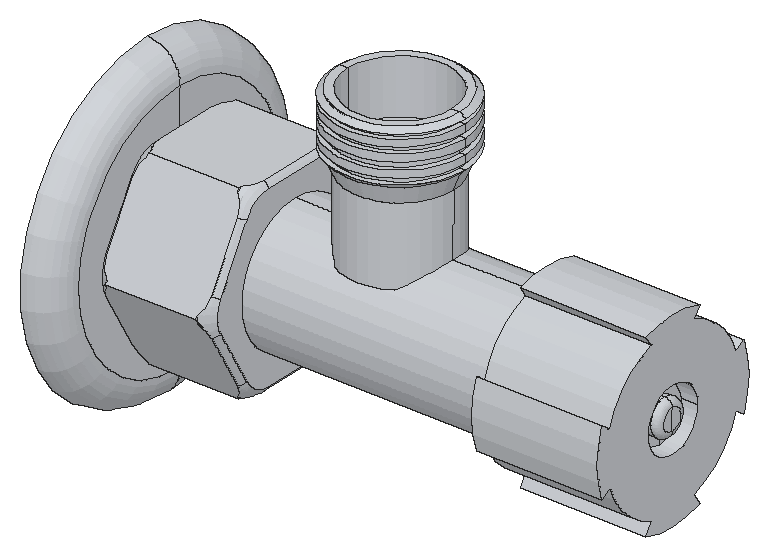
Revit family "BIM_01-3201-11", category Plumbing Fixtures, host Face, Revit 2026
Family settings
  Host = Face
  Round Connector Dimension = Use Diameter
  Part Type = Normal
  Classification Number = 23.31.11.00
  Enable Cutting in Views = No
  Cut with Voids When Loaded = No
  Maintain Annotation Orientation = No
  Shared = No
  Room Calculation Point = No
Parameters (values of type "01-3201-11")
  Waste Water Outlet = ""
  Vida Util = "2000 CICLOS"
  Torque de operación = "1,7 Nm"
  Torque de Conexión = "61 Nm"
  Tipo de Uso = "Domestico"
  Temperaturas de trabajo = "DE 5° A 71°"
  Sitio web = "https://www.gricol.com/"
  Rosca NPSM 1/2" = "1/2\""
  Rosca NPT 1/2" = "1/2\""
  Resistencia a Corrosión = "NTC 1156 Sal Neutral"
  Referente Normativo = "NTC 1644, ASME A112.18.1 / CSA B125.1"
  Presión de Estallído = 500.00 psi
  Presión Mínima = 20.00 psi
  Presión Maxima = 125.00 psi
  Plastico - ABS Cromado = Plastico - ABS Cromado
  Materiales del producto = "ABS, Latón, Caucho"
  Link Ficha Tecnica = "https://infotecnica.gricol.com/FT_01-3201-11_01-3201-09.pdf"
  Waste Connection = 1 = 0  # no
  Vent Connection = 1 = 0  # no
  URL = "https://www.gricol.com/products/llave-de-regulacion-plastica-cromada"
  Type Image = LLAVE DE REGULACION PLASTICA CROMADA.jpg
  Product Name = "Llave De Regulación Plástica Cromada"  # constant formula
  Model = "01-3201-11\r"  # constant formula
  Manufacturer = "Gricol"  # constant formula
  HW Connection = 1 = 1  # yes
  Garantia Especifica = "20 AÑOS"
  Diametro nominal = "15.9 Nm"  # constant formula
  Description = "Llave"  # constant formula
  Default Elevation = 0.0 mm
  Date Modified = "22/08/2025"  # constant formula
  Date Created = "05/28/2020"  # constant formula
  Copyright = "All rights reserved © Gricol - 2025."  # constant formula
  Conexiones = "Acometida: Rosca Hembra 1/2” NPT. Salida:\r\nRosca Macho 1/2” NPSM."
  CW Connection = 1 = 1  # yes
  Assembly Code = ""
  Ancho = 83.5 mm
  Diametro escudo = 50.6 mm
Reference planes
  plane 1 "Center (Front/Back)": y = 0
  plane 2: z = 0
  plane 3 "Center (Left/Right)": x = 0
  plane 4: x = -40.162
  plane 5: x = 43.338
  plane 6: z = 25.295
  plane 7: z = 50.6
  plane 8: x = -10.4
  plane 9: x = 10.4
Text (mm)
  text "Rosca NPSM 1/2\"" at (17.456, 0, 79.835), in view "Front"
  text "Rosca NPT 1/2\"" at (-137.418, 0, 25.544), in view "Front"
Dimensions and locks
  "Ancho": plane 4 to plane 5
  plane 4 to plane 3 "Center (Left/Right)" = 40.162 mm
  plane 7 to plane 6 = 25.305 mm
  "Diametro escudo": plane 7 to level
  plane 8 to plane 9 = 20.8 mm
  aligned and locked: plane 2 to host face
  aligned and locked: level to host face
Automatic sketch dimensions
  host sketch curve to host sketch curve = 167.561 mm
  host sketch curve to host sketch curve = 90.762 mm
Nested families
  nested 1: "LLAVE DE REGULACION" at (0, 0, 0), type "LLAVE DE REGULACION"
Definition of nested family "LLAVE DE REGULACION"
  Parameters (values of type "LLAVE DE REGULACION")
    Weight Net (Kg) = "6.60Kg"
    Plastico - ABS + Colorante blanco = none
    Waste Connection = no
    Vent Connection = no
    Type Comments = ""
    Nominal width = "370"
    Nominal height = "130"
    Model = ""
    Manufacturer = ""
    Keynote = ""
    HW Connection = no
    Default Elevation = 0.0 mm
    Cost = 0
    CW Connection = no
  Reference planes
    plane 1 "Center (Front/Back)": y = 0
    plane 2: z = 0
    plane 3 "Center (Left/Right)": x = 0
    plane 4 "11": x = -40.162
    plane 5: z = 57.295
    plane 6: x = 10.4
    plane 7: x = -10.4
    plane 8 "18": x = 43.338
    plane 9: z = 40.295
    plane 10: z = 50.6
    plane 11: z = 25.295
    plane 12: z = 10.295
  Forms (mm)
    Revolve 1, solid, material <- "Plastico - ABS + Colorante blanco"
      sketch origin (0.449, -0.057, -12.076) x (1, 0, 0) y (0, 0, 1)
        loop
          line (-9.98, 61.46) -> (-10.849, 61.46) -> (-10.067, 60.678) -> (-8.716, 60.678) -> (-8.716, 69.371) -> (-9.98, 69.371) -> (-10.849, 68.728) -> (-9.98, 68.728) -> (-9.98, 67.941) -> (-10.849, 67.941) -> (-10.849, 66.854) -> (-9.98, 66.854) -> (-9.98, 65.911) -> (-10.849, 65.911) -> (-10.849, 64.746) -> (-9.98, 64.746) -> (-9.98, 63.568) -> (-10.849, 63.568) -> (-10.849, 62.404) -> (-9.98, 62.404) -> (-9.98, 61.46)
        axis (-0.449, 69.371) -> (-0.449, 60.678)
      angle from 0 to 360
    Revolve 2, solid, material <- "Plastico - ABS + Colorante blanco"
      sketch origin (-124.259, -0.057, -50.324) x (0, 0, 1) y (-1, 0, 0)
        loop
          line (64.994, -106.659) -> (64.994, -147.672) -> (66.234, -147.672) -> (66.234, -106.659) -> (64.994, -106.659)
        axis (75.619, -106.659) -> (75.619, -147.672)
      angle from 0 to 360
    Revolve 3, solid, material <- "Plastico - ABS + Colorante blanco"
      sketch origin (0, 0, 10.295) x (1, 0, 0) y (0, 0, 1)
        loop
          line (-6.634, 38.307) -> (-9.619, 38.307) -> (-8.475, 35.445) -> (-8.475, 23.028) -> (-6.634, 23.028) -> (-6.634, 38.307)
        axis (0, 23.028) -> (0, 38.307)
      angle from 0 to 360
    Revolve 4, solid, material <- "Plastico - ABS + Colorante blanco"
      sketch origin (0.156, 0, 10.295) x (1, 0, 0) y (0, 0, 1)
        loop
          line (43.072, 15) -> (43.072, 16.688)
          arc (43.072, 16.688) -> (42.736, 17.498) -> (41.926, 17.834) r 1.146
          line (41.926, 17.834) -> (41.122, 17.834) -> (41.122, 19.218) -> (23.257, 19.218) -> (23.257, 15) -> (43.072, 15)
        axis (23.257, 15) -> (43.072, 15)
      angle from 0 to 360
    Extrusion 5, solid, material <- "Plastico - ABS + Colorante blanco"
      sketch origin (0, -102.723, 10.295) x (0, 1, 0) y (0, 0, 1)
        loop
          circle (102.723, 15) r 6.964
        loop
          line (111.383, 0) -> (120.043, 15) -> (111.383, 30) -> (94.062, 30) -> (85.402, 15) -> (94.062, 0) -> (111.383, 0)
      from -35 to -16.725
    Sweep 6, void
      path origin (0, 0, 10.295) x (0, 1, 0) y (0, 0, 1)
        loop
          line (5.196, 30) -> (-5.196, 30)
          arc (-5.196, 30) -> (-8.196, 29.196) -> (-10.392, 27) r 6
          line (-10.392, 27) -> (-15.588, 18)
          arc (-15.588, 18) -> (-16.392, 15) -> (-15.588, 12) r 6
          line (-15.588, 12) -> (-10.392, 3)
          arc (-10.392, 3) -> (-8.196, 0.804) -> (-5.196, 0) r 6
          line (-5.196, 0) -> (5.196, 0)
          arc (5.196, 0) -> (8.196, 0.804) -> (10.392, 3) r 6
          line (10.392, 3) -> (15.588, 12)
          arc (15.588, 12) -> (16.392, 15) -> (15.588, 18) r 6
          line (15.588, 18) -> (10.392, 27)
          arc (10.392, 27) -> (8.196, 29.196) -> (5.196, 30) r 6
      profile origin (0, 0, 40.295) x (0, 0, -1) y (1, 0, 0)
        loop
          line (-1.687, -36.452) -> (1.631, -36.452) -> (1.631, -35.391)
          arc (1.631, -35.391) -> (0.232, -34.434) -> (-0.724, -33.036) r 4.593
          line (-0.724, -33.036) -> (-1.687, -33.036) -> (-1.687, -36.452)
    Sweep 7, void
      path origin (-51.725, 0, 10.295) x (0, 1, 0) y (0, 0, -1)
        loop
          arc (5.196, -30) -> (8.196, -29.196) -> (10.392, -27) r 6
          line (10.392, -27) -> (15.588, -18)
          arc (15.588, -18) -> (16.392, -15) -> (15.588, -12) r 6
          line (15.588, -12) -> (10.392, -3)
          arc (10.392, -3) -> (8.196, -0.804) -> (5.196, 0) r 6
          line (5.196, 0) -> (-5.196, 0)
          arc (-5.196, 0) -> (-8.196, -0.804) -> (-10.392, -3) r 6
          line (-10.392, -3) -> (-15.588, -12)
          arc (-15.588, -12) -> (-16.392, -15) -> (-15.588, -18) r 6
          line (-15.588, -18) -> (-10.392, -27)
          arc (-10.392, -27) -> (-8.196, -29.196) -> (-5.196, -30) r 6
          line (-5.196, -30) -> (5.196, -30)
      profile origin (-51.725, 0, 40.295) x (0, 0, 1) y (-1, 0, 0)
        loop
          line (1.687, -36.452) -> (1.687, -33.036) -> (0.724, -33.036)
          arc (0.724, -33.036) -> (-0.232, -34.434) -> (-1.631, -35.391) r 4.593
          line (-1.631, -35.391) -> (-1.631, -36.452) -> (1.687, -36.452)
    Revolve 8, solid, material <- "Plastico - ABS + Colorante blanco"
      sketch origin (5.053, 0, 10.295) x (1, 0, 0) y (0, 0, 1)
        loop
          line (-39.345, 6.84) -> (-22.716, 6.84) -> (-22.716, 8.598) -> (-23.825, 8.598) -> (-23.825, 7.685) -> (-24.947, 7.685) -> (-24.947, 8.598) -> (-25.822, 8.598) -> (-25.822, 7.685) -> (-27.178, 7.685) -> (-27.178, 8.598) -> (-28.053, 8.598) -> (-28.053, 7.685) -> (-29.331, 7.685) -> (-29.331, 8.598) -> (-30.206, 8.598) -> (-30.206, 7.685) -> (-31.327, 7.685) -> (-31.327, 8.598) -> (-32.202, 8.598) -> (-32.202, 7.685) -> (-33.402, 7.685) -> (-33.402, 8.598) -> (-34.277, 8.598) -> (-34.277, 7.685) -> (-35.399, 7.685) -> (-35.399, 8.598) -> (-36.274, 8.598) -> (-36.274, 7.685) -> (-37.395, 7.685) -> (-37.395, 8.598) -> (-38.27, 8.598) -> (-38.27, 7.685) -> (-39.345, 7.685) -> (-39.345, 6.84)
        axis (-22.716, 15) -> (-39.345, 15)
      angle from 0 to 360
    Revolve 9, solid, material <- "Plastico - ABS + Colorante blanco"
      sketch origin (123.879, 0, 93.22) x (1, 0, 0) y (0, 0, 1)
        loop
          line (-164.04, -60.851) -> (-158.879, -60.851) -> (-158.879, -47.877)
          arc (-158.879, -47.877) -> (-160.385, -44.193) -> (-164.04, -42.62) r 5.258
          line (-164.04, -42.62) -> (-164.04, -60.851)
        axis (-158.879, -67.925) -> (-164.04, -67.925)
      angle from 0 to 360
    Extrusion 10, solid, material <- "Plastico - ABS + Colorante blanco"
      sketch origin (43.338, 0, 10.295) x (0, 1, 0) y (0, 0, -1)
        loop
          line (5.276, -29.048) -> (4.218, -27.536)
          arc (4.218, -27.536) -> (9.352, -24.352) -> (12.536, -19.218) r 13.226
          line (12.536, -19.218) -> (14.048, -20.276)
          arc (14.048, -20.276) -> (15.006, -15) -> (14.048, -9.724) r 15.006
          line (14.048, -9.724) -> (12.536, -10.782)
          arc (12.536, -10.782) -> (9.352, -5.648) -> (4.218, -2.464) r 13.226
          line (4.218, -2.464) -> (5.276, -0.658)
          arc (5.276, -0.658) -> (0, 0.282) -> (-5.276, -0.658) r 15.282
          line (-5.276, -0.658) -> (-4.218, -2.464)
          arc (-4.218, -2.464) -> (-9.352, -5.648) -> (-12.536, -10.782) r 13.226
          line (-12.536, -10.782) -> (-14.048, -9.724)
          arc (-14.048, -9.724) -> (-15.006, -15) -> (-14.048, -20.276) r 15.006
          line (-14.048, -20.276) -> (-12.536, -19.218)
          arc (-12.536, -19.218) -> (-9.352, -24.352) -> (-4.218, -27.536) r 13.226
          line (-4.218, -27.536) -> (-5.276, -29.048)
          arc (-5.276, -29.048) -> (0, -30.006) -> (5.276, -29.048) r 15.006
        loop
          circle (0, -15) r 5
      from 0 to 19.925
  Cuts and joins
    Sweep 6, Sweep 7 cuts Extrusion 5
    joined: Revolve 2, Revolve 3
  Dimensions and locks
    Revolve 1 sketch curve to Revolve 1 sketch curve = 2.132 mm
    plane 3 "Center (Left/Right)" to plane 7 = 10.4 mm
    equal spacing: plane 6, plane 3 "Center (Left/Right)", plane 7
    plane 6 to plane 7 = 20.8 mm  (x2)
    plane 8 "18" to plane 4 "11" = 83.5 mm  (x2)
    plane 10 to level = 50.6 mm
    aligned and locked: level to plane 2
  Automatic sketch dimensions
    Revolve 1 sketch curve to plane 7 = 0.0 mm  (x5)
    Revolve 1 sketch curve to plane 3 "Center (Left/Right)" = 0.0 mm
    plane 7 to Revolve 1 sketch curve = 0.781 mm
    plane 7 to Revolve 1 sketch curve = 0.869 mm  (x3)
    Revolve 1 sketch curve to Revolve 1 sketch curve = 0.0 mm
    Revolve 1 sketch curve to Revolve 1 sketch curve = 0.088 mm
    Revolve 1 sketch curve to plane 5 = 8.693 mm
    Revolve 1 sketch curve to Revolve 1 sketch curve = 0.781 mm
    Revolve 1 sketch curve to Revolve 1 sketch curve = 0.944 mm  (x2)
    Revolve 1 sketch curve to Revolve 1 sketch curve = 1.165 mm  (x2)
    Revolve 1 sketch curve to Revolve 1 sketch curve = 1.178 mm
    Revolve 1 sketch curve to Revolve 1 sketch curve = 1.086 mm
    Revolve 1 sketch curve to Revolve 1 sketch curve = 0.788 mm
    Revolve 1 sketch curve to Revolve 1 sketch curve = 0.643 mm
    Revolve 1 sketch curve to Revolve 1 sketch curve = 10.699 mm
    Revolve 1 sketch curve to Revolve 1 sketch curve = 1.872 mm
    level to Revolve 2 sketch curve = 15.91 mm
    Revolve 2 sketch curve to Revolve 2 sketch curve = 1.24 mm
    plane 6 to Revolve 2 sketch curve = 13.013 mm
    Revolve 2 sketch curve to plane 7 = 7.2 mm  (x2)
    Revolve 2 sketch curve to plane 8 "18" = 8.857 mm
    Revolve 3 sketch curve to plane 3 "Center (Left/Right)" = 0.0 mm
    plane 7 to Revolve 3 sketch curve = 3.766 mm
    plane 7 to Revolve 3 sketch curve = 1.925 mm
    plane 7 to Revolve 3 sketch curve = 0.781 mm
    Revolve 3 sketch curve to plane 5 = 23.972 mm
    Revolve 3 sketch curve to Revolve 3 sketch curve = 12.417 mm
    Revolve 3 sketch curve to Revolve 3 sketch curve = 2.863 mm
    Revolve 3 sketch curve to Revolve 3 sketch curve = 5.0 mm
    Revolve 3 sketch curve to Revolve 3 sketch curve = 5.232 mm
    plane 6 to Revolve 4 sketch curve = 13.013 mm
    Revolve 4 sketch curve to plane 8 "18" = 2.06 mm
    Revolve 4 sketch curve to Revolve 4 sketch curve = 0.804 mm
    Revolve 4 sketch curve to plane 8 "18" = 0.11 mm
    Revolve 4 sketch curve to Revolve 4 sketch curve = 1.438 mm
    plane 8 "18" to Revolve 4 sketch curve = 0.513 mm
    level to Extrusion 5 sketch curve = 10.295 mm
    plane 9 to Extrusion 5 sketch curve = 0.0 mm
    Extrusion 5 sketch curve to plane 1 "Center (Front/Back)" = 0.0 mm
    plane 1 "Center (Front/Back)" to Extrusion 5 sketch curve = 8.66 mm  (x2)
    Extrusion 5 sketch curve to Extrusion 5 sketch curve = 8.66 mm  (x2)
    Extrusion 5 sketch curve to plane 1 "Center (Front/Back)" = 8.66 mm  (x2)
    plane 9 to Sweep 6 sketch curve = 0.0 mm
    level to Sweep 6 sketch curve = 10.295 mm
    plane 1 "Center (Front/Back)" to Sweep 6 sketch curve = 15.588 mm
    plane 9 to Sweep 6 sketch curve = 3.0 mm  (x2)
    Sweep 6 sketch curve to Sweep 6 sketch curve = 5.196 mm  (x7)
    level to Sweep 6 sketch curve = 13.295 mm  (x2)
    plane 1 "Center (Front/Back)" to Sweep 6 sketch curve = 5.196 mm  (x2)
    Sweep 6 sketch curve to plane 1 "Center (Front/Back)" = 5.196 mm  (x2)
    profile plane to Sweep 6 sketch curve = 1.687 mm
    profile plane to Sweep 6 sketch curve = 0.724 mm
    Sweep 6 sketch curve to profile plane = 1.631 mm
    Sweep 6 sketch curve to profile plane = 3.48 mm
    Sweep 6 sketch curve to plane 3 "Center (Left/Right)" = 36.452 mm
    Sweep 6 sketch curve to Sweep 6 sketch curve = 1.061 mm
    Sweep 6 sketch curve to Sweep 6 sketch curve = 3.416 mm
    plane 9 to Sweep 7 sketch curve = 0.0 mm
    level to Sweep 7 sketch curve = 10.295 mm
    plane 1 "Center (Front/Back)" to Sweep 7 sketch curve = 15.588 mm
    plane 9 to Sweep 7 sketch curve = 3.0 mm  (x2)
    Sweep 7 sketch curve to Sweep 7 sketch curve = 5.196 mm  (x7)
    level to Sweep 7 sketch curve = 13.295 mm  (x2)
    plane 1 "Center (Front/Back)" to Sweep 7 sketch curve = 5.196 mm  (x2)
    Sweep 7 sketch curve to plane 1 "Center (Front/Back)" = 5.196 mm  (x2)
    profile plane to Sweep 7 sketch curve = 3.48 mm
    profile plane to Sweep 7 sketch curve = 1.631 mm
    Sweep 7 sketch curve to profile plane = 0.724 mm
    Sweep 7 sketch curve to Sweep 7 sketch curve = 0.963 mm
    Sweep 7 sketch curve to profile plane = 36.452 mm
    Sweep 7 sketch curve to Sweep 7 sketch curve = 1.061 mm
    Sweep 7 sketch curve to Sweep 7 sketch curve = 3.416 mm
    plane 4 "11" to Revolve 8 sketch curve = 5.869 mm
    Revolve 8 sketch curve to Revolve 8 sketch curve = 1.075 mm
    Revolve 8 sketch curve to Revolve 8 sketch curve = 0.875 mm  (x7)
    Revolve 8 sketch curve to Revolve 8 sketch curve = 1.122 mm  (x4)
    Revolve 8 sketch curve to Revolve 8 sketch curve = 1.2 mm
    Revolve 8 sketch curve to Revolve 8 sketch curve = 1.278 mm
    Revolve 8 sketch curve to Revolve 8 sketch curve = 1.356 mm
    Revolve 8 sketch curve to Revolve 8 sketch curve = 1.109 mm
    Revolve 8 sketch curve to Revolve 8 sketch curve = 0.0 mm  (x13)
    Revolve 8 sketch curve to Revolve 8 sketch curve = 0.913 mm  (x2)
    Revolve 8 sketch curve to Revolve 8 sketch curve = 0.844 mm  (x2)
    plane 4 "11" to Revolve 8 sketch curve = 4.347 mm
    Extrusion 10 sketch curve to Extrusion 10 sketch curve = 0.0 mm  (x54)
    Extrusion 10 sketch curve to plane 1 "Center (Front/Back)" = 0.0 mm
    plane 1 "Center (Front/Back)" to Extrusion 10 sketch curve = 4.218 mm  (x2)
    level to Extrusion 10 sketch curve = 10.952 mm  (x2)
    Extrusion 10 sketch curve to Extrusion 10 sketch curve = 1.059 mm  (x5)
    plane 9 to Extrusion 10 sketch curve = 0.952 mm  (x2)
    Extrusion 10 sketch curve to Extrusion 10 sketch curve = 8.318 mm  (x2)
    Extrusion 10 sketch curve to Extrusion 10 sketch curve = 1.512 mm  (x6)
    Extrusion 10 sketch curve to plane 1 "Center (Front/Back)" = 4.218 mm  (x2)
    Revolve 2 sketch curve to Revolve 2 sketch curve = 9.385 mm
    plane 9 to Revolve 4 sketch curve = 15.0 mm
    Revolve 4 sketch curve to Revolve 4 sketch curve = 1.688 mm  (x2)
    Revolve 4 sketch curve to Revolve 4 sketch curve = 4.218 mm
    plane 9 to Extrusion 5 sketch curve = 15.0 mm  (x3)
    Sweep 6 sketch curve to Sweep 6 sketch curve = 0.0 mm  (x2)
    Sweep 6 sketch curve to Sweep 6 sketch curve = 9.0 mm  (x2)
    Sweep 6 sketch curve to Sweep 6 sketch curve = 3.0 mm  (x2)
    Sweep 7 sketch curve to Sweep 7 sketch curve = 0.0 mm  (x2)
    Sweep 7 sketch curve to Sweep 7 sketch curve = 9.0 mm  (x2)
    Sweep 7 sketch curve to Sweep 7 sketch curve = 3.0 mm  (x2)
    level to Revolve 8 sketch curve = 17.135 mm
    Revolve 8 sketch curve to Revolve 8 sketch curve = 6.402 mm
    plane 9 to Extrusion 10 sketch curve = 9.724 mm  (x2)
    Revolve 9 sketch curve to plane 11 = 0.0 mm
    Revolve 9 sketch curve to plane 4 "11" = 0.0 mm
    Revolve 9 sketch curve to plane 4 "11" = 0.096 mm
    plane 4 "11" to Revolve 9 sketch curve = 5.162 mm
    Revolve 9 sketch curve to plane 11 = 7.075 mm
    Revolve 9 sketch curve to plane 9 = 5.048 mm
    Revolve 9 sketch curve to plane 4 "11" = 10.0 mm
    Revolve 9 sketch curve to Revolve 9 sketch curve = 4.838 mm
    radius of Extrusion 5 sketch curve = 6.964 mm
    radius of Extrusion 10 sketch curve = 5.0 mm
